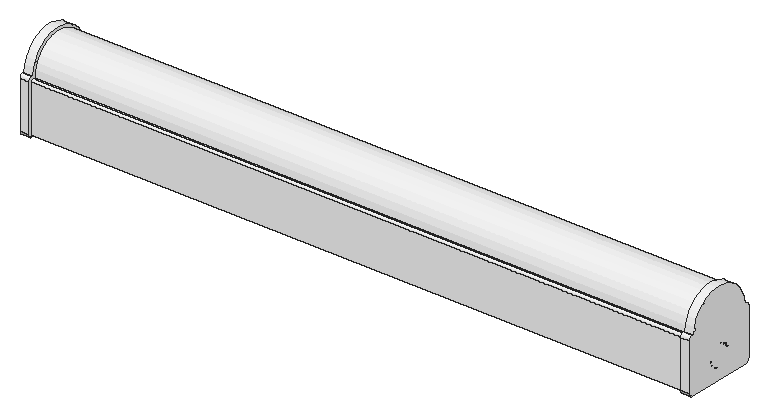
Revit family "0045188 Feilo Sylvania Lighting Fixture SYLBATTEN LED1 NW DALI TP5 ", category Lighting Fixtures, host Face, Revit 2017
Family settings
  Host = Face
  Round Connector Dimension = Use Diameter
  Part Type = Normal
  OmniClass Number = 23.80.70.00
  OmniClass Title = Lighting
  Cut with Voids When Loaded = No
  Light Source = Yes
  Shared = No
  Room Calculation Point = No
Parameters (values of type "0045188 SYLBATTEN LED1 NW DALI TP5")
  Width_FEILO = 66 mm
  Weight = "1.5 kg"
  Wattage Comments = "n/a"
  Wattage = 11 W
  WarrantyStartDate [instance] = "n/a"
  WarrantyGuarantorParts = "n/a"
  WarrantyDurationUnit = "n/a"
  WarrantyDurationParts = "n/a"
  WarrantyDescription = "n/a"
  built-in parameter 1150110 = 1 (stored number, unit not read)
  Voltage = 230 V
  URL = "http://www.sylvania-lighting.com"
  TypeName = "SYLBATTEN LED1 NW DALI TP5"
  Type Image = <None>
  Type Comments = "n/a"
  built-in parameter 1114217 = 1 (stored number, unit not read)
  Tilt Angle = -90.00°
  built-in parameter 1150109 = 1 (stored number, unit not read)
  built-in parameter 1150134 = 12
  SymReflector_FEILO = no
  built-in parameter 1150113 = 1 (stored number, unit not read)
  SerialNumber [instance] = "n/a"
  PowerFactor = 0
  PowerConsumption = "11 W"
  Photometric Web File = "0045188.ies"
  NominalLength = 605 mm
  NominalHeight = 76 mm
  NominalDepth = 66 mm
  Name = "SYLBATTEN LED1 NW DALI TP5"
  ModelReference = Name  # "SYLBATTEN LED1 NW DALI TP5"
  ModelNumber = "0045188"
  Model = Name  # "SYLBATTEN LED1 NW DALI TP5"
  Material_4_FEILO = Reflector-Sylvania-Sylbatten-White
  Material_3_FEILO = Diffuser-Sylvania-Sylbatten-Glow
  Material_2_FEILO = Body-Sylvania-Sylbatten-White
  Material_1_FEILO = Body-Sylvania-Sylbatten-White
  Material = "sheet steel housing, polycarbonate diffuser"
  ManufacturerName = "Feilo Sylvania"
  Manufacturer = "Feilo Sylvania"
  LuminousEfficacy = "105.2 lm/W"
  built-in parameter 1150105 = 92.148 (stored number, unit not read)
  Lumens = 1157.97 lm
  LuminaireType = ""
  built-in parameter 1150115 = 1 (stored number, unit not read)
  LightOutputRatio = "100"
  built-in parameter 1150137 = (empty or 0)
  built-in parameter 1150139 = (empty or 0)
  Length_FEILO = 605 mm
  LampsType = Lamp  # "LED"
  LampNominalLuminous = "1158 lm"
  LampMacAdamStep = "n/a"
  LampColourTemperature = "4000 K"
  LampColourRenderingIndex = "80"
  built-in parameter 1150112 = 1 (stored number, unit not read)
  built-in parameter 1150114 = 1 (stored number, unit not read)
  Lamp = "LED"
  Keynote = "16500"
  InstallationDate [instance] = "n/a"
  InputVoltage = "220-240V~"
  InputNominalFrequency = "n/a"
  built-in parameter 1150132 = (empty or 0)
  built-in parameter 1150102 = (empty or 0)
  built-in parameter 1150107 = 4000 (stored number, unit not read)
  built-in parameter 1150138 = (empty or 0)
  IngressProtection = "IP20"
  ImpactProtectionIndex = "IK07"
  built-in parameter 1150106 = 0.92148 (stored number, unit not read)
  IfcExportType = "IfcLightFixtureType"
  IfcExportAs = "IfcLightFixtureType"
  Height_FEILO = 76 mm
  ExpectedLife = 50000
  Emit from Rectangle Width = Length_FEILO - 16 mm  # 589 mm
  Emit from Rectangle Length = Width_FEILO - 40 mm  # 26 mm
  Emit Shape Visible in Rendering = no
  ElectricShockClassification = "Class I"
  built-in parameter 1150104 = 9.7799 (stored number, unit not read)
  DurationUnit = "hours"
  DocumentationLiterature = "http://www.sylvania-lighting.com/product/en-int/products/0045188"
  DimmingControlOptions = "Dimmable"
  Dimming Lamp Color Temperature Shift = <None>
  Description = "LED batten, T8 replacement, ease of installation through 2 part push-in design of the housing (safety cable included), through wiring capability (TP5 = 5 core), sheet steel, 1158LM, 11W, 105lm/W, 4000K, drive current: 350mA, CRI 80, 138° wide beam angle, DALI dimmable, IP20, IK07, 50,000 hrs (L70), (LxWxH) 605x66x76mm, 5 step MacAdam ellipse, 1.8kg, white RAL 9016, Class 1, 220-240V, energy class: A++, A+, A."
  Default Elevation = 1219.2 mm
  CreatedOn = "2/22/2018"
  CreatedBy = ""
  Cost = 0
  Color Filter = 16777215
  built-in parameter 1114216 [instance] = (empty or 0)
  ClassificationValue = "EF_70_80"
  ClassificationName = "Uniclass2015"
  CapOffset_FEILO = 2 mm
  BarCode [instance] = "n/a"
  built-in parameter 1114218 = 1 (stored number, unit not read)
  BackReflector_FEILO = and(not(AsymReflector_FEILO), SymReflector_FEILO)  # no
  built-in parameter 1150133 = 10 (stored number, unit not read)
  FrontReflector_FEILO = or(AsymReflector_FEILO, SymReflector_FEILO)  # no
  AsymReflector_FEILO = no
  AssetType = "Fixed"
  AssetIdentifier [instance] = "n/a"
  Assembly Code = "D5020200"
  Apparent Load = 11 VA
Reference planes
  plane 1 "Center (Front/Back)": y = 0
  plane 2: z = 0
  plane 3 "Center (Left/Right)": x = 0
  plane 4: x = 302.5
  plane 5: x = -302.5
  plane 6: y = 33
  plane 7: y = -33
  plane 8: z = 76
  plane 9: z = 47
  plane 10: y = -29
  plane 11: y = 29
  plane 12: z = 20
  plane 13: z = 74
  plane 14: y = -31
  plane 15: y = -27
  plane 16: y = 27
  plane 17: y = 31
  plane 18: z = 2
  plane 19: x = -294.5
  plane 20: x = 294.5
  plane 21: z = 49
  plane 22: y = 1
  plane 23: y = -1
  plane 24: z = 21
  plane 25: z = 19
  plane 26: y = -61
  plane 27: y = 61
  plane 28: y = -56
  plane 29: y = 56
  plane 30: z = 91
  plane 31: z = 88
Forms (mm)
  Extrusion 1, solid, material "Body-Sylvania-Sylbatten-White" <- "Material_2_FEILO"
    sketch origin (0, 0, 0) x (0, 1, 0) y (0, 0, 1)
      loop
        line (-31, 2) -> (31, 2) -> (31, 45)
        arc (31, 45) -> (30.414, 46.414) -> (29, 47) r 2
        line (29, 47) -> (27, 47)
        arc (27, 47) -> (0, 74) -> (-27, 47) r 27
        line (-27, 47) -> (-29, 47)
        arc (-29, 47) -> (-30.414, 46.414) -> (-31, 45) r 2
        line (-31, 45) -> (-31, 2)
    from -294.5 to 294.5
  Extrusion 2, solid, material "Body-Sylvania-Sylbatten-White" <- "Material_2_FEILO"
    sketch origin (302.5, 1524, 1219.2) x (0, 1, 0) y (0, 0, 1)
      loop
        arc (-1494, -1219.2) -> (-1491.879, -1218.321) -> (-1491, -1216.2) r 3
        line (-1491, -1216.2) -> (-1491, -1173.2)
        arc (-1491, -1173.2) -> (-1491.879, -1171.079) -> (-1494, -1170.2) r 3
        line (-1494, -1170.2) -> (-1495.069, -1170.2)
        arc (-1495.069, -1170.2) -> (-1524, -1143.2) -> (-1552.931, -1170.2) r 29
        line (-1552.931, -1170.2) -> (-1554, -1170.2)
        arc (-1554, -1170.2) -> (-1556.121, -1171.079) -> (-1557, -1173.2) r 3
        line (-1557, -1173.2) -> (-1557, -1216.2)
        arc (-1557, -1216.2) -> (-1556.121, -1218.321) -> (-1554, -1219.2) r 3
        line (-1554, -1219.2) -> (-1494, -1219.2)
      loop
        arc (-1525, -1189.25) -> (-1531.071, -1192.129) -> (-1533.95, -1198.2) r 10
        line (-1533.95, -1198.2) -> (-1532.944, -1198.2)
        arc (-1532.944, -1198.2) -> (-1530.364, -1192.836) -> (-1525, -1190.256) r 9
        line (-1525, -1190.256) -> (-1525, -1189.25)
      loop
        arc (-1523, -1190.256) -> (-1517.636, -1192.836) -> (-1515.056, -1198.2) r 9
        line (-1515.056, -1198.2) -> (-1514.05, -1198.2)
        arc (-1514.05, -1198.2) -> (-1516.929, -1192.129) -> (-1523, -1189.25) r 10
        line (-1523, -1189.25) -> (-1523, -1190.256)
      loop
        line (-1532.944, -1200.2) -> (-1533.95, -1200.2)
        arc (-1533.95, -1200.2) -> (-1531.071, -1206.271) -> (-1525, -1209.15) r 10
        line (-1525, -1209.15) -> (-1525, -1208.144)
        arc (-1525, -1208.144) -> (-1530.364, -1205.564) -> (-1532.944, -1200.2) r 9
      loop
        arc (-1515.056, -1200.2) -> (-1517.636, -1205.564) -> (-1523, -1208.144) r 9
        line (-1523, -1208.144) -> (-1523, -1209.15)
        arc (-1523, -1209.15) -> (-1516.929, -1206.271) -> (-1514.05, -1200.2) r 10
        line (-1514.05, -1200.2) -> (-1515.056, -1200.2)
    from 0 to -8
  Extrusion 3, solid, material "Body-Sylvania-Sylbatten-White" <- "Material_2_FEILO"
    sketch origin (-302.5, 1524, 1219.2) x (0, 1, 0) y (0, 0, 1)
      loop
        arc (-1495.069, -1170.2) -> (-1524, -1143.2) -> (-1552.931, -1170.2) r 29
        line (-1552.931, -1170.2) -> (-1554, -1170.2)
        arc (-1554, -1170.2) -> (-1556.121, -1171.079) -> (-1557, -1173.2) r 3
        line (-1557, -1173.2) -> (-1557, -1216.2)
        arc (-1557, -1216.2) -> (-1556.121, -1218.321) -> (-1554, -1219.2) r 3
        line (-1554, -1219.2) -> (-1494, -1219.2)
        arc (-1494, -1219.2) -> (-1491.879, -1218.321) -> (-1491, -1216.2) r 3
        line (-1491, -1216.2) -> (-1491, -1173.2)
        arc (-1491, -1173.2) -> (-1491.879, -1171.079) -> (-1494, -1170.2) r 3
        line (-1494, -1170.2) -> (-1495.069, -1170.2)
      loop
        line (-1533.95, -1198.2) -> (-1532.944, -1198.2)
        arc (-1532.944, -1198.2) -> (-1530.364, -1192.836) -> (-1525, -1190.256) r 9
        line (-1525, -1190.256) -> (-1525, -1189.25)
        arc (-1525, -1189.25) -> (-1531.071, -1192.129) -> (-1533.95, -1198.2) r 10
      loop
        line (-1523, -1189.25) -> (-1523, -1190.256)
        arc (-1523, -1190.256) -> (-1517.636, -1192.836) -> (-1515.056, -1198.2) r 9
        line (-1515.056, -1198.2) -> (-1514.05, -1198.2)
        arc (-1514.05, -1198.2) -> (-1516.929, -1192.129) -> (-1523, -1189.25) r 10
      loop
        line (-1514.05, -1200.2) -> (-1515.056, -1200.2)
        arc (-1515.056, -1200.2) -> (-1517.636, -1205.564) -> (-1523, -1208.144) r 9
        line (-1523, -1208.144) -> (-1523, -1209.15)
        arc (-1523, -1209.15) -> (-1516.929, -1206.271) -> (-1514.05, -1200.2) r 10
      loop
        line (-1525, -1209.15) -> (-1525, -1208.144)
        arc (-1525, -1208.144) -> (-1530.364, -1205.564) -> (-1532.944, -1200.2) r 9
        line (-1532.944, -1200.2) -> (-1533.95, -1200.2)
        arc (-1533.95, -1200.2) -> (-1531.071, -1206.271) -> (-1525, -1209.15) r 10
    from 0 to 8
  Extrusion 4, solid, material "Reflector-Sylvania-Sylbatten-White" <- "Material_4_FEILO", visible <- "FrontReflector_FEILO"
    sketch origin (0, 0, 0) x (0, 1, 0) y (0, 0, 1)
      loop
        line (-61.257, 88.429) -> (-60.743, 87.571) -> (-56.621, 90.044)
        arc (-56.621, 90.044) -> (-56.237, 90.099) -> (-55.929, 89.863) r 0.5
        line (-55.929, 89.863) -> (-31.435, 46.753) -> (-30.565, 47.247) -> (-55.312, 90.802)
        arc (-55.312, 90.802) -> (-55.928, 91.275) -> (-56.696, 91.165) r 1
        line (-56.696, 91.165) -> (-61.257, 88.429)
    from -294.5 to 294.5
  Extrusion 5, solid, material "Reflector-Sylvania-Sylbatten-White" <- "Material_4_FEILO", visible <- "BackReflector_FEILO"
    sketch origin (0, 0, 0) x (0, 1, 0) y (0, 0, 1)
      loop
        line (30.565, 47.247) -> (31.435, 46.753) -> (55.932, 89.868)
        arc (55.932, 89.868) -> (56.245, 90.112) -> (56.638, 90.062) r 0.518
        line (56.638, 90.062) -> (61.033, 87.565) -> (61.527, 88.435) -> (56.682, 91.188)
        arc (56.682, 91.188) -> (55.922, 91.282) -> (55.318, 90.812) r 1
        line (55.318, 90.812) -> (30.565, 47.247)
    from -294.5 to 294.5
Lines and regions (mm)
  reference lines
    curve 1: line (0, -61, 88) -> (0, -56, 91)
    curve 2: line (0, -56, 91) -> (0, -31, 47)
    curve 3: line (0, 31, 47) -> (0, 56, 91)
    curve 4: line (0, 56, 91) -> (0, 61.28, 88)
Dimensions and locks
  equal spacing: plane 5, plane 3 "Center (Left/Right)", plane 4
  equal spacing: plane 7, plane 1 "Center (Front/Back)", plane 6
  "Width_FEILO": plane 7 to plane 6
  "Length_FEILO": plane 5 to plane 4
  "Height_FEILO": plane 8 to plane 2
  locked: plane 9 to plane 8 at 29
  equal spacing: plane 10, plane 1 "Center (Front/Back)", plane 11
  locked: plane 7 to plane 10 at 4
  locked: plane 12 to plane 2 at 20
  "CapOffset_FEILO": plane 13 to plane 8
  "CapOffset_FEILO": plane 7 to plane 14
  "CapOffset_FEILO": plane 10 to plane 15
  "CapOffset_FEILO": plane 17 to plane 6
  "CapOffset_FEILO": plane 16 to plane 11
  "CapOffset_FEILO": plane 18 to plane 2
  locked: plane 14 to Extrusion 1 sketch curve at 2
  locked: Extrusion 1 sketch curve to plane 9 at 2  (x2)
  locked: plane 16 to Extrusion 1 sketch curve at 2
  equal spacing: plane 19, plane 3 "Center (Left/Right)", plane 20
  locked: plane 5 to plane 19 at 8
  "CapOffset_FEILO": plane 9 to plane 21
  locked: Extrusion 2 sketch curve to plane 2 at 47
  locked: Extrusion 1 sketch curve to plane 2 at 47
  locked: Extrusion 2 sketch curve to plane 2 at 3  (x2)
  locked: plane 7 to Extrusion 2 sketch curve at 3  (x2)
  locked: Extrusion 2 sketch curve to plane 6 at 3  (x2)
  locked: Extrusion 2 sketch curve to plane 21 at 3  (x2)
  equal spacing: plane 23, plane 1 "Center (Front/Back)", plane 22
  equal spacing: plane 25, plane 12, plane 24
  plane 30 to plane 31 to plane 2 = 3 mm locked, 88 mm locked
  plane 28 to plane 29 = 112 mm
  plane 26 to plane 27 = 122 mm
  aligned and locked: plane 2 to host face
  aligned and locked: level to host face
  aligned and locked: plane 18 to Extrusion 1 sketch curve
  aligned and locked: plane 14 to Extrusion 1 sketch curve
  aligned and locked: Extrusion 1 sketch curve to plane 9  (x2)
  aligned and locked: Extrusion 1 sketch curve to plane 17
  aligned and locked: plane 15 to Extrusion 1 sketch curve
  aligned and locked: plane 16 to Extrusion 1 sketch curve
  aligned and locked: plane 9 to Extrusion 1 sketch curve
  aligned and locked: plane 20 to Extrusion 1
  aligned and locked: level to Extrusion 2 sketch curve
  aligned and locked: Extrusion 2 sketch curve to plane 7
  aligned and locked: plane 21 to Extrusion 2 sketch curve
  aligned and locked: Extrusion 2 sketch curve to plane 21
  aligned and locked: plane 1 "Center (Front/Back)" to Extrusion 2 sketch curve  (x3)
  aligned and locked: Extrusion 2 to Extrusion 1
  aligned and locked: plane 4 to Extrusion 2
  aligned and locked: plane 12 to Extrusion 2 sketch curve  (x2)
  aligned and locked: Extrusion 2 sketch curve to plane 22
  aligned and locked: Extrusion 2 sketch curve to plane 23
  aligned and locked: Extrusion 2 sketch curve to plane 24
  aligned and locked: Extrusion 2 sketch curve to plane 25
  aligned and locked: plane 25 to Extrusion 2 sketch curve
  aligned and locked: plane 22 to Extrusion 2 sketch curve
  aligned and locked: plane 24 to Extrusion 2 sketch curve
  aligned and locked: plane 23 to Extrusion 2 sketch curve  (x2)
  aligned and locked: Extrusion 3 sketch curve to Extrusion 2  (x22)
  aligned and locked: Extrusion 3 to Extrusion 1
  aligned and locked: Extrusion 3 to plane 5
  aligned and locked: plane 19 to Extrusion 3
  aligned and locked: plane 31 to curve 1
  aligned and locked: plane 30 to curve 1
  aligned and locked: plane 14 to curve 2
  aligned and locked: plane 9 to curve 2
  aligned and locked: plane 17 to curve 3
  aligned and locked: plane 30 to curve 3
  aligned and locked: plane 31 to curve 4
  aligned and locked: Extrusion 4 sketch curve to curve 2
  aligned and locked: Extrusion 4 sketch curve to curve 1
  aligned and locked: Extrusion 4 to Extrusion 1
  aligned and locked: Extrusion 1 to Extrusion 4
  aligned and locked: imposter light to plane 1 "Center (Front/Back)"
  aligned and locked: imposter light to plane 3 "Center (Left/Right)"
  aligned and locked: imposter light to plane 13
  aligned and locked: Extrusion 5 sketch curve to curve 4
  aligned and locked: Extrusion 5 sketch curve to curve 3
  aligned and locked: Extrusion 1 to Extrusion 5
  aligned and locked: Extrusion 5 to Extrusion 1
Automatic sketch dimensions
  host sketch curve to host sketch curve = 2438.4 mm  (x2)
  Extrusion 2 sketch curve to Extrusion 2 sketch curve = 0 mm  (x14)
  Extrusion 2 sketch curve to plane 10 = 0.069 mm
  plane 23 to Extrusion 2 sketch curve = 8.95 mm
  Extrusion 2 sketch curve to Extrusion 2 sketch curve = 1.006 mm  (x4)
  Extrusion 2 sketch curve to plane 22 = 7.944 mm
  curve 1 to plane 26 = 0 mm
  curve 2 to plane 28 = 0 mm
  curve 4 to plane 29 = 0 mm
  plane 9 to curve 3 = 0 mm
  plane 26 to Extrusion 4 sketch curve = 0.257 mm
  Extrusion 4 sketch curve to plane 26 = 0.257 mm
  Extrusion 4 sketch curve to plane 30 = 0.165 mm
  plane 28 to Extrusion 4 sketch curve = 0.696 mm
  plane 28 to Extrusion 4 sketch curve = 0.621 mm
  plane 28 to Extrusion 4 sketch curve = 0.364 mm
  plane 28 to Extrusion 4 sketch curve = 0.182 mm
  Extrusion 4 sketch curve to plane 28 = 0.071 mm
  plane 30 to Extrusion 4 sketch curve = 0.198 mm
  Extrusion 4 sketch curve to plane 28 = 0.688 mm
  plane 9 to Extrusion 4 sketch curve = 0.247 mm
  plane 1 "Center (Front/Back)" to Extrusion 4 sketch curve = 31.435 mm
  Extrusion 5 sketch curve to plane 9 = 0.247 mm
  Extrusion 5 sketch curve to plane 1 "Center (Front/Back)" = 30.565 mm
  plane 9 to Extrusion 5 sketch curve = 0.247 mm
  plane 30 to Extrusion 5 sketch curve = 0.188 mm
  plane 29 to Extrusion 5 sketch curve = 0.068 mm
  Extrusion 5 sketch curve to plane 29 = 0.188 mm
  Extrusion 5 sketch curve to plane 29 = 0.382 mm
  Extrusion 5 sketch curve to Extrusion 5 sketch curve = 0.256 mm
  Extrusion 5 sketch curve to plane 30 = 0.188 mm
  Extrusion 5 sketch curve to plane 29 = 0.682 mm
  Extrusion 5 sketch curve to plane 27 = 0.033 mm
  Extrusion 5 sketch curve to plane 27 = 0.527 mm
Connectors
  electrical at (0, 0, 0), driven by "Apparent Load", driven by "PowerFactor", driven by "Voltage"
    settings: index 1, voltage 230 V, apparent load 11 VA, apparent load phase1 0 VA, apparent load phase2 0 VA, apparent load phase3 0 VA, power factor 0, load classification "Lighting", number of poles 1, system type 30, power factor state 1, is connector primary yes, connector utility no, sub classification motor no, connector description ""
